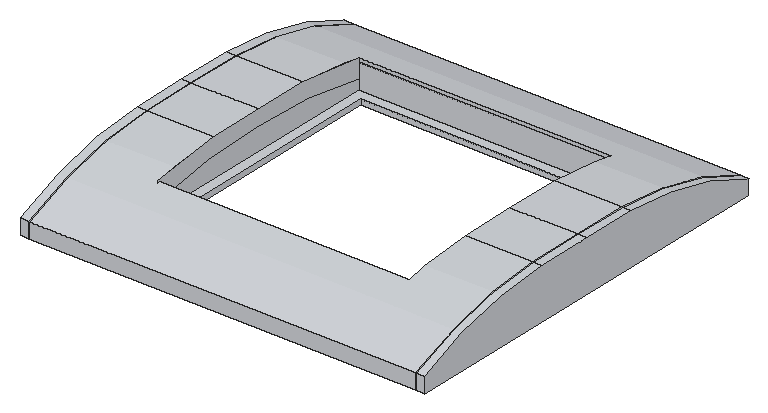
Revit family "Gira_1002327", category Electrical Fixtures, host Face, Revit 2017
Family settings
  Host = Face
  Maintain Annotation Orientation = No
  Round Connector Dimension = Use Diameter
  Part Type = Normal
  Cut with Voids When Loaded = No
  Shared = No
  Room Calculation Point = No
Parameters (values of type "Cov.fr. 2-g w/o cb interm.fr. PW Gira Event p.white m")
  With mounting grid = "No"
  With hinged lid = "No"
  URL = "http://katalog.gira.de/en/datenblatt.html?artikelnr=1002327"
  Type of fastening = "Clamp mounting"
  Transparent = "No"
  Surface protection = "Other"
  Surface finishing = "Glossy"
  Suitable for wall duct = "No"
  Suitable for flush-mounted installation = "Yes"
  Suitable for floor box = "No"
  Suitable for built-in installation = "No"
  Number of units vertical = "2"
  Number of units horizontal = "2"
  Number of units = "2"
  Name = "Cov.fr. 2-g w/o cb interm.fr. PW Gira Event p.white m"
  Mounting direction = "Horizontal and vertical"
  Material quality = "Thermoplastic"
  Material = "Plastic"
  Manufacturer URL = "https://www.gira.de/"
  Manufacturer = "Gira"
  Label space/information surface = "No"
  Keynote = ""
  HeinzeBIM = "https://bimportal.heinze.de/bim/cov-fr-2-g-w-o-cb-interm-fr-pw-gira-event-p-white-m/fe6de33c9f56735060b5007f5d9051a3a72fcde4"
  Halogen free = "Yes"
  HAN = "1002327"
  GTIN = "4010337074212"
  Description = "Cov.fr.2g w o cb i.fr.PW Event PWm,Gira Event frames,pure white matt with pure white glossy intermediate frame,2-gang without crossbar,Features:,- Shatter-proof."
  Degree of protection (IP) = "IP20"
  Default Elevation = 1219.2 mm
  Data sheet (1) = "https://katalog.gira.de/en/download.html?artikelnr=1002327"
  Colour = "White"
  Category = "Cover frame for domestic switching devices"
  BIM (1) = "https://media.stage.bim.site/public/gira/36a6b08/Event_Rahmen_2fach o.Mittelsteg.rfa?public/gira/36a6b08/Event_Rahmen_2fach o.Mittelsteg.rfa"
  Available = "No"
Reference planes
  plane 1 "Center (Front/Back)": y = 0
  plane 2: z = 0
  plane 3 "Center (Left/Right)": x = 0
Forms (mm)
  Extrusion 1, solid, detail levels fine
    sketch origin (0, 0, 1.55) x (0, 1, 0) y (0, 0, 1)
      loop
        arc (12.445, 9.683) -> (6.223, 9.833) -> (0, 9.85) r 291.636
        arc (0, 9.85) -> (-6.223, 9.833) -> (-12.445, 9.683) r 291.636
        arc (-12.445, 9.683) -> (-29.14, 7.482) -> (-45, 1.823) r 79.728
        line (-45, 1.823) -> (-45, -1.55) -> (-41.777, -1.55) -> (-41.777, -0.55)
        arc (-41.777, -0.55) -> (-21.205, 4.846) -> (0, 6.467) r 118.15
        arc (0, 6.467) -> (21.205, 4.846) -> (41.777, -0.55) r 118.15
        line (41.777, -0.55) -> (41.777, -1.55) -> (45, -1.55) -> (45, 1.823)
        arc (45, 1.823) -> (29.14, 7.482) -> (12.445, 9.683) r 79.728
    from -43 to 43
  Extrusion 2, void, detail levels fine
    sketch origin (0, 0, 0) x (1, 0, 0) y (0, 1, 0)
      loop
        line (-28, -28) -> (28, -28) -> (28, 28) -> (-28, 28) -> (-28, -28)
    from 2.85 to 12
  Extrusion 3, solid, detail levels coarse
    sketch origin (0, 0, 0) x (1, 0, 0) y (0, 1, 0)
      loop
        line (-45, 45) -> (-45, -45) -> (45, -45) -> (45, 45) -> (-45, 45)
    from 0 to 11.4
  Extrusion 4, solid, detail levels medium
    sketch origin (0, 0, 1.55) x (0, 1, 0) y (0, 0, 1)
      loop
        arc (12.445, 9.683) -> (6.223, 9.833) -> (0, 9.85) r 291.636
        arc (0, 9.85) -> (-6.223, 9.833) -> (-12.445, 9.683) r 291.636
        arc (-12.445, 9.683) -> (-29.14, 7.482) -> (-45, 1.823) r 79.728
        line (-45, 1.823) -> (-45, -1.55) -> (45, -1.55) -> (45, 1.823)
        arc (45, 1.823) -> (29.14, 7.482) -> (12.445, 9.683) r 79.728
    from -45 to 45
  Extrusion 5, solid, detail levels fine
    sketch origin (0, 0, 0) x (0, 1, 0) y (0, 0, 1)
      loop
        arc (45, 3.373) -> (29.14, 9.032) -> (12.445, 11.233) r 79.728
        arc (12.445, 11.233) -> (6.223, 11.383) -> (0, 11.4) r 291.636
        arc (0, 11.4) -> (-6.223, 11.383) -> (-12.445, 11.233) r 291.636
        arc (-12.445, 11.233) -> (-29.14, 9.032) -> (-45, 3.373) r 79.728
        line (-45, 3.373) -> (-45, 0) -> (45, 0) -> (45, 3.373)
    from 43 to 45
  Extrusion 6, solid, detail levels fine
    sketch origin (0, 0, 0) x (0, 1, 0) y (0, 0, -1)
      loop
        line (45, -3.373) -> (45, 0) -> (-45, 0) -> (-45, -3.373)
        arc (-45, -3.373) -> (-29.14, -9.032) -> (-12.445, -11.233) r 79.728
        arc (-12.445, -11.233) -> (-6.223, -11.383) -> (0, -11.4) r 291.636
        arc (0, -11.4) -> (6.223, -11.383) -> (12.445, -11.233) r 291.636
        arc (12.445, -11.233) -> (29.14, -9.032) -> (45, -3.373) r 79.728
    from 43 to 45
  Extrusion 7, solid, detail levels fine
    sketch origin (0, 0, 0) x (1, 0, 0) y (0, 1, 0)
      loop
        line (-25.7, 25.7) -> (-25.7, -25.7) -> (25.7, -25.7) -> (25.7, 25.7) -> (-25.7, 25.7)
      loop
        line (-29.495, 27.895) -> (-29.495, -27.895)
        spline (-29.495, -27.895) -> (-29.486, -28.025) -> (-29.461, -28.154) -> (-29.419, -28.278) -> (-29.361, -28.395) -> (-29.288, -28.504) -> (-29.202, -28.602) -> (-29.104, -28.688) -> (-28.995, -28.761) -> (-28.878, -28.819) -> (-28.754, -28.861) -> (-28.625, -28.886) -> (-28.495, -28.895)
        line (-28.495, -28.895) -> (28.495, -28.895)
        spline (28.495, -28.895) -> (28.625, -28.886) -> (28.754, -28.861) -> (28.878, -28.819) -> (28.995, -28.761) -> (29.104, -28.688) -> (29.202, -28.602) -> (29.288, -28.504) -> (29.361, -28.395) -> (29.419, -28.278) -> (29.461, -28.154) -> (29.486, -28.025) -> (29.495, -27.895)
        line (29.495, -27.895) -> (29.495, 27.895)
        spline (29.495, 27.895) -> (29.486, 28.025) -> (29.461, 28.154) -> (29.419, 28.278) -> (29.361, 28.395) -> (29.288, 28.504) -> (29.202, 28.602) -> (29.104, 28.688) -> (28.995, 28.761) -> (28.878, 28.819) -> (28.754, 28.861) -> (28.625, 28.886) -> (28.495, 28.895)
        line (28.495, 28.895) -> (-28.495, 28.895)
        spline (-28.495, 28.895) -> (-28.625, 28.886) -> (-28.754, 28.861) -> (-28.878, 28.819) -> (-28.995, 28.761) -> (-29.104, 28.688) -> (-29.202, 28.602) -> (-29.288, 28.504) -> (-29.361, 28.395) -> (-29.419, 28.278) -> (-29.461, 28.154) -> (-29.486, 28.025) -> (-29.495, 27.895)
    from 1.673 to 8.5
Cuts and joins
  Extrusion 2 cuts Extrusion 1
  Extrusion 2 cuts Extrusion 7
Dimensions and locks
  aligned and locked: plane 2 to host face
  aligned and locked: level to host face
